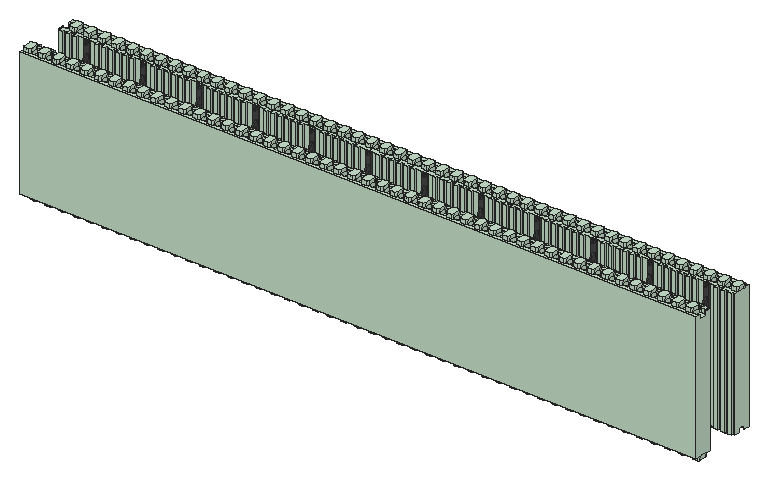
Revit family (continued)
Forms (in)
  Extrusion 156, void
    sketch origin (74, -1, 0) x (1, 0, 0) y (0, 1, 0)
      loop
        arc (1, 3.97692) -> (1.04785, 3.82983) -> (1.17308, 3.73905) r 0.25
        arc (1.17308, 3.73905) -> (1.42092, 3.69045) -> (1.67323, 3.70172) r 1.0625
        arc (1.67323, 3.70172) -> (1.72385, 3.68771) -> (1.74592, 3.64005) r 0.0625
        line (1.74592, 3.64005) -> (1.74592, 3.41845) -> (1.91675, 3.41845) -> (1.91675, 3.76455)
        arc (1.91675, 3.76455) -> (1.92106, 3.78736) -> (1.9334, 3.80702) r 0.0625
        arc (1.9334, 3.80702) -> (1.98276, 3.88568) -> (2, 3.97692) r 0.25
        line (2, 3.97692) -> (2, 4.89808)
        arc (2, 4.89808) -> (1.95215, 5.04517) -> (1.82692, 5.13595) r 0.25
        arc (1.82692, 5.13595) -> (1.5, 5.1875) -> (1.17308, 5.13595) r 1.0625
        arc (1.17308, 5.13595) -> (1.04785, 5.04517) -> (1, 4.89808) r 0.25
    from 0 to 0.5
  Extrusion 157, void
    sketch origin (72, -1, 0) x (1, 0, 0) y (0, 1, 0)
      loop
        line (1, 4.89808) -> (1, 3.97692)
        arc (1, 3.97692) -> (1.04785, 3.82983) -> (1.17308, 3.73905) r 0.25
        arc (1.17308, 3.73905) -> (1.42092, 3.69045) -> (1.67323, 3.70172) r 1.0625
        arc (1.67323, 3.70172) -> (1.72385, 3.68771) -> (1.74592, 3.64005) r 0.0625
        line (1.74592, 3.64005) -> (1.74592, 3.41845) -> (1.91675, 3.41845) -> (1.91675, 3.76455)
        arc (1.91675, 3.76455) -> (1.92106, 3.78736) -> (1.9334, 3.80702) r 0.0625
        arc (1.9334, 3.80702) -> (1.98276, 3.88568) -> (2, 3.97692) r 0.25
        line (2, 3.97692) -> (2, 4.89808)
        arc (2, 4.89808) -> (1.95215, 5.04517) -> (1.82692, 5.13595) r 0.25
        arc (1.82692, 5.13595) -> (1.5, 5.1875) -> (1.17308, 5.13595) r 1.0625
        arc (1.17308, 5.13595) -> (1.04785, 5.04517) -> (1, 4.89808) r 0.25
    from 0 to 0.5
  Extrusion 158, void
    sketch origin (70, -1, 0) x (1, 0, 0) y (0, 1, 0)
      loop
        line (1, 4.89808) -> (1, 3.97692)
        arc (1, 3.97692) -> (1.04785, 3.82983) -> (1.17308, 3.73905) r 0.25
        arc (1.17308, 3.73905) -> (1.42092, 3.69045) -> (1.67323, 3.70172) r 1.0625
        arc (1.67323, 3.70172) -> (1.72385, 3.68771) -> (1.74592, 3.64005) r 0.0625
        line (1.74592, 3.64005) -> (1.74592, 3.41845) -> (1.91675, 3.41845) -> (1.91675, 3.76455)
        arc (1.91675, 3.76455) -> (1.92106, 3.78736) -> (1.9334, 3.80702) r 0.0625
        arc (1.9334, 3.80702) -> (1.98276, 3.88568) -> (2, 3.97692) r 0.25
        line (2, 3.97692) -> (2, 4.89808)
        arc (2, 4.89808) -> (1.95215, 5.04517) -> (1.82692, 5.13595) r 0.25
        arc (1.82692, 5.13595) -> (1.5, 5.1875) -> (1.17308, 5.13595) r 1.0625
        arc (1.17308, 5.13595) -> (1.04785, 5.04517) -> (1, 4.89808) r 0.25
    from 0 to 0.5
  Extrusion 159, void
    sketch origin (68, -1, 0) x (1, 0, 0) y (0, 1, 0)
      loop
        line (1, 4.89808) -> (1, 3.97692)
        arc (1, 3.97692) -> (1.04785, 3.82983) -> (1.17308, 3.73905) r 0.25
        arc (1.17308, 3.73905) -> (1.42092, 3.69045) -> (1.67323, 3.70172) r 1.0625
        arc (1.67323, 3.70172) -> (1.72385, 3.68771) -> (1.74592, 3.64005) r 0.0625
        line (1.74592, 3.64005) -> (1.74592, 3.41845) -> (1.91675, 3.41845) -> (1.91675, 3.76455)
        arc (1.91675, 3.76455) -> (1.92106, 3.78736) -> (1.9334, 3.80702) r 0.0625
        arc (1.9334, 3.80702) -> (1.98276, 3.88568) -> (2, 3.97692) r 0.25
        line (2, 3.97692) -> (2, 4.89808)
        arc (2, 4.89808) -> (1.95215, 5.04517) -> (1.82692, 5.13595) r 0.25
        arc (1.82692, 5.13595) -> (1.5, 5.1875) -> (1.17308, 5.13595) r 1.0625
        arc (1.17308, 5.13595) -> (1.04785, 5.04517) -> (1, 4.89808) r 0.25
    from 0 to 0.5
  Extrusion 160, void
    sketch origin (66, -1, 0) x (1, 0, 0) y (0, 1, 0)
      loop
        line (1, 4.89808) -> (1, 3.97692)
        arc (1, 3.97692) -> (1.04785, 3.82983) -> (1.17308, 3.73905) r 0.25
        arc (1.17308, 3.73905) -> (1.42092, 3.69045) -> (1.67323, 3.70172) r 1.0625
        arc (1.67323, 3.70172) -> (1.72385, 3.68771) -> (1.74592, 3.64005) r 0.0625
        line (1.74592, 3.64005) -> (1.74592, 3.41845) -> (1.91675, 3.41845) -> (1.91675, 3.76455)
        arc (1.91675, 3.76455) -> (1.92106, 3.78736) -> (1.9334, 3.80702) r 0.0625
        arc (1.9334, 3.80702) -> (1.98276, 3.88568) -> (2, 3.97692) r 0.25
        line (2, 3.97692) -> (2, 4.89808)
        arc (2, 4.89808) -> (1.95215, 5.04517) -> (1.82692, 5.13595) r 0.25
        arc (1.82692, 5.13595) -> (1.5, 5.1875) -> (1.17308, 5.13595) r 1.0625
        arc (1.17308, 5.13595) -> (1.04785, 5.04517) -> (1, 4.89808) r 0.25
    from 0 to 0.5
  Extrusion 161, void
    sketch origin (64, -1, 0) x (1, 0, 0) y (0, 1, 0)
      loop
        line (1, 4.89808) -> (1, 3.97692)
        arc (1, 3.97692) -> (1.04785, 3.82983) -> (1.17308, 3.73905) r 0.25
        arc (1.17308, 3.73905) -> (1.42092, 3.69045) -> (1.67323, 3.70172) r 1.0625
        arc (1.67323, 3.70172) -> (1.72385, 3.68771) -> (1.74592, 3.64005) r 0.0625
        line (1.74592, 3.64005) -> (1.74592, 3.41845) -> (1.91675, 3.41845) -> (1.91675, 3.76455)
        arc (1.91675, 3.76455) -> (1.92106, 3.78736) -> (1.9334, 3.80702) r 0.0625
        arc (1.9334, 3.80702) -> (1.98276, 3.88568) -> (2, 3.97692) r 0.25
        line (2, 3.97692) -> (2, 4.89808)
        arc (2, 4.89808) -> (1.95215, 5.04517) -> (1.82692, 5.13595) r 0.25
        arc (1.82692, 5.13595) -> (1.5, 5.1875) -> (1.17308, 5.13595) r 1.0625
        arc (1.17308, 5.13595) -> (1.04785, 5.04517) -> (1, 4.89808) r 0.25
    from 0 to 0.5
  Extrusion 162, void
    sketch origin (62, -1, 0) x (1, 0, 0) y (0, 1, 0)
      loop
        line (1, 4.89808) -> (1, 3.97692)
        arc (1, 3.97692) -> (1.04785, 3.82983) -> (1.17308, 3.73905) r 0.25
        arc (1.17308, 3.73905) -> (1.42092, 3.69045) -> (1.67323, 3.70172) r 1.0625
        arc (1.67323, 3.70172) -> (1.72385, 3.68771) -> (1.74592, 3.64005) r 0.0625
        line (1.74592, 3.64005) -> (1.74592, 3.41845) -> (1.91675, 3.41845) -> (1.91675, 3.76455)
        arc (1.91675, 3.76455) -> (1.92106, 3.78736) -> (1.9334, 3.80702) r 0.0625
        arc (1.9334, 3.80702) -> (1.98276, 3.88568) -> (2, 3.97692) r 0.25
        line (2, 3.97692) -> (2, 4.89808)
        arc (2, 4.89808) -> (1.95215, 5.04517) -> (1.82692, 5.13595) r 0.25
        arc (1.82692, 5.13595) -> (1.5, 5.1875) -> (1.17308, 5.13595) r 1.0625
        arc (1.17308, 5.13595) -> (1.04785, 5.04517) -> (1, 4.89808) r 0.25
    from 0 to 0.5
  Extrusion 163, void
    sketch origin (60, -1, 0) x (1, 0, 0) y (0, 1, 0)
      loop
        line (1, 4.89808) -> (1, 3.97692)
        arc (1, 3.97692) -> (1.04785, 3.82983) -> (1.17308, 3.73905) r 0.25
        arc (1.17308, 3.73905) -> (1.42092, 3.69045) -> (1.67323, 3.70172) r 1.0625
        arc (1.67323, 3.70172) -> (1.72385, 3.68771) -> (1.74592, 3.64005) r 0.0625
        line (1.74592, 3.64005) -> (1.74592, 3.41845) -> (1.91675, 3.41845) -> (1.91675, 3.76455)
        arc (1.91675, 3.76455) -> (1.92106, 3.78736) -> (1.9334, 3.80702) r 0.0625
        arc (1.9334, 3.80702) -> (1.98276, 3.88568) -> (2, 3.97692) r 0.25
        line (2, 3.97692) -> (2, 4.89808)
        arc (2, 4.89808) -> (1.95215, 5.04517) -> (1.82692, 5.13595) r 0.25
        arc (1.82692, 5.13595) -> (1.5, 5.1875) -> (1.17308, 5.13595) r 1.0625
        arc (1.17308, 5.13595) -> (1.04785, 5.04517) -> (1, 4.89808) r 0.25
    from 0 to 0.5
  Extrusion 164, void
    sketch origin (58, -1, 0) x (1, 0, 0) y (0, 1, 0)
      loop
        line (1, 4.89808) -> (1, 3.97692)
        arc (1, 3.97692) -> (1.04785, 3.82983) -> (1.17308, 3.73905) r 0.25
        arc (1.17308, 3.73905) -> (1.42092, 3.69045) -> (1.67323, 3.70172) r 1.0625
        arc (1.67323, 3.70172) -> (1.72385, 3.68771) -> (1.74592, 3.64005) r 0.0625
        line (1.74592, 3.64005) -> (1.74592, 3.41845) -> (1.91675, 3.41845) -> (1.91675, 3.76455)
        arc (1.91675, 3.76455) -> (1.92106, 3.78736) -> (1.9334, 3.80702) r 0.0625
        arc (1.9334, 3.80702) -> (1.98276, 3.88568) -> (2, 3.97692) r 0.25
        line (2, 3.97692) -> (2, 4.89808)
        arc (2, 4.89808) -> (1.95215, 5.04517) -> (1.82692, 5.13595) r 0.25
        arc (1.82692, 5.13595) -> (1.5, 5.1875) -> (1.17308, 5.13595) r 1.0625
        arc (1.17308, 5.13595) -> (1.04785, 5.04517) -> (1, 4.89808) r 0.25
    from 0 to 0.5
  Extrusion 165, void
    sketch origin (56, -1, 0) x (1, 0, 0) y (0, 1, 0)
      loop
        line (1, 4.89808) -> (1, 3.97692)
        arc (1, 3.97692) -> (1.04785, 3.82983) -> (1.17308, 3.73905) r 0.25
        arc (1.17308, 3.73905) -> (1.42092, 3.69045) -> (1.67323, 3.70172) r 1.0625
        arc (1.67323, 3.70172) -> (1.72385, 3.68771) -> (1.74592, 3.64005) r 0.0625
        line (1.74592, 3.64005) -> (1.74592, 3.41845) -> (1.91675, 3.41845) -> (1.91675, 3.76455)
        arc (1.91675, 3.76455) -> (1.92106, 3.78736) -> (1.9334, 3.80702) r 0.0625
        arc (1.9334, 3.80702) -> (1.98276, 3.88568) -> (2, 3.97692) r 0.25
        line (2, 3.97692) -> (2, 4.89808)
        arc (2, 4.89808) -> (1.95215, 5.04517) -> (1.82692, 5.13595) r 0.25
        arc (1.82692, 5.13595) -> (1.5, 5.1875) -> (1.17308, 5.13595) r 1.0625
        arc (1.17308, 5.13595) -> (1.04785, 5.04517) -> (1, 4.89808) r 0.25
    from 0 to 0.5
  Extrusion 166, void
    sketch origin (54, -1, 0) x (1, 0, 0) y (0, 1, 0)
      loop
        line (1, 4.89808) -> (1, 3.97692)
        arc (1, 3.97692) -> (1.04785, 3.82983) -> (1.17308, 3.73905) r 0.25
        arc (1.17308, 3.73905) -> (1.42092, 3.69045) -> (1.67323, 3.70172) r 1.0625
        arc (1.67323, 3.70172) -> (1.72385, 3.68771) -> (1.74592, 3.64005) r 0.0625
        line (1.74592, 3.64005) -> (1.74592, 3.41845) -> (1.91675, 3.41845) -> (1.91675, 3.76455)
        arc (1.91675, 3.76455) -> (1.92106, 3.78736) -> (1.9334, 3.80702) r 0.0625
        arc (1.9334, 3.80702) -> (1.98276, 3.88568) -> (2, 3.97692) r 0.25
        line (2, 3.97692) -> (2, 4.89808)
        arc (2, 4.89808) -> (1.95215, 5.04517) -> (1.82692, 5.13595) r 0.25
        arc (1.82692, 5.13595) -> (1.5, 5.1875) -> (1.17308, 5.13595) r 1.0625
        arc (1.17308, 5.13595) -> (1.04785, 5.04517) -> (1, 4.89808) r 0.25
    from 0 to 0.5
  Extrusion 167, void
    sketch origin (52, -1, 0) x (1, 0, 0) y (0, 1, 0)
      loop
        line (1, 4.89808) -> (1, 3.97692)
        arc (1, 3.97692) -> (1.04785, 3.82983) -> (1.17308, 3.73905) r 0.25
        arc (1.17308, 3.73905) -> (1.42092, 3.69045) -> (1.67323, 3.70172) r 1.0625
        arc (1.67323, 3.70172) -> (1.72385, 3.68771) -> (1.74592, 3.64005) r 0.0625
        line (1.74592, 3.64005) -> (1.74592, 3.41845) -> (1.91675, 3.41845) -> (1.91675, 3.76455)
        arc (1.91675, 3.76455) -> (1.92106, 3.78736) -> (1.9334, 3.80702) r 0.0625
        arc (1.9334, 3.80702) -> (1.98276, 3.88568) -> (2, 3.97692) r 0.25
        line (2, 3.97692) -> (2, 4.89808)
        arc (2, 4.89808) -> (1.95215, 5.04517) -> (1.82692, 5.13595) r 0.25
        arc (1.82692, 5.13595) -> (1.5, 5.1875) -> (1.17308, 5.13595) r 1.0625
        arc (1.17308, 5.13595) -> (1.04785, 5.04517) -> (1, 4.89808) r 0.25
    from 0 to 0.5
  Extrusion 168, void
    sketch origin (50, -1, 0) x (1, 0, 0) y (0, 1, 0)
      loop
        line (1, 4.89808) -> (1, 3.97692)
        arc (1, 3.97692) -> (1.04785, 3.82983) -> (1.17308, 3.73905) r 0.25
        arc (1.17308, 3.73905) -> (1.42092, 3.69045) -> (1.67323, 3.70172) r 1.0625
        arc (1.67323, 3.70172) -> (1.72385, 3.68771) -> (1.74592, 3.64005) r 0.0625
        line (1.74592, 3.64005) -> (1.74592, 3.41845) -> (1.91675, 3.41845) -> (1.91675, 3.76455)
        arc (1.91675, 3.76455) -> (1.92106, 3.78736) -> (1.9334, 3.80702) r 0.0625
        arc (1.9334, 3.80702) -> (1.98276, 3.88568) -> (2, 3.97692) r 0.25
        line (2, 3.97692) -> (2, 4.89808)
        arc (2, 4.89808) -> (1.95215, 5.04517) -> (1.82692, 5.13595) r 0.25
        arc (1.82692, 5.13595) -> (1.5, 5.1875) -> (1.17308, 5.13595) r 1.0625
        arc (1.17308, 5.13595) -> (1.04785, 5.04517) -> (1, 4.89808) r 0.25
    from 0 to 0.5
  Extrusion 169, void
    sketch origin (48, -1, 0) x (1, 0, 0) y (0, 1, 0)
      loop
        line (1, 4.89808) -> (1, 3.97692)
        arc (1, 3.97692) -> (1.04785, 3.82983) -> (1.17308, 3.73905) r 0.25
        arc (1.17308, 3.73905) -> (1.42092, 3.69045) -> (1.67323, 3.70172) r 1.0625
        arc (1.67323, 3.70172) -> (1.72385, 3.68771) -> (1.74592, 3.64005) r 0.0625
        line (1.74592, 3.64005) -> (1.74592, 3.41845) -> (1.91675, 3.41845) -> (1.91675, 3.76455)
        arc (1.91675, 3.76455) -> (1.92106, 3.78736) -> (1.9334, 3.80702) r 0.0625
        arc (1.9334, 3.80702) -> (1.98276, 3.88568) -> (2, 3.97692) r 0.25
        line (2, 3.97692) -> (2, 4.89808)
        arc (2, 4.89808) -> (1.95215, 5.04517) -> (1.82692, 5.13595) r 0.25
        arc (1.82692, 5.13595) -> (1.5, 5.1875) -> (1.17308, 5.13595) r 1.0625
        arc (1.17308, 5.13595) -> (1.04785, 5.04517) -> (1, 4.89808) r 0.25
    from 0 to 0.5
  Extrusion 170, void
    sketch origin (46, -1, 0) x (1, 0, 0) y (0, 1, 0)
      loop
        line (1, 4.89808) -> (1, 3.97692)
        arc (1, 3.97692) -> (1.04785, 3.82983) -> (1.17308, 3.73905) r 0.25
        arc (1.17308, 3.73905) -> (1.42092, 3.69045) -> (1.67323, 3.70172) r 1.0625
        arc (1.67323, 3.70172) -> (1.72385, 3.68771) -> (1.74592, 3.64005) r 0.0625
        line (1.74592, 3.64005) -> (1.74592, 3.41845) -> (1.91675, 3.41845) -> (1.91675, 3.76455)
        arc (1.91675, 3.76455) -> (1.92106, 3.78736) -> (1.9334, 3.80702) r 0.0625
        arc (1.9334, 3.80702) -> (1.98276, 3.88568) -> (2, 3.97692) r 0.25
        line (2, 3.97692) -> (2, 4.89808)
        arc (2, 4.89808) -> (1.95215, 5.04517) -> (1.82692, 5.13595) r 0.25
        arc (1.82692, 5.13595) -> (1.5, 5.1875) -> (1.17308, 5.13595) r 1.0625
        arc (1.17308, 5.13595) -> (1.04785, 5.04517) -> (1, 4.89808) r 0.25
    from 0 to 0.5
  Extrusion 171, void
    sketch origin (44, -1, 0) x (1, 0, 0) y (0, 1, 0)
      loop
        line (1, 4.89808) -> (1, 3.97692)
        arc (1, 3.97692) -> (1.04785, 3.82983) -> (1.17308, 3.73905) r 0.25
        arc (1.17308, 3.73905) -> (1.42092, 3.69045) -> (1.67323, 3.70172) r 1.0625
        arc (1.67323, 3.70172) -> (1.72385, 3.68771) -> (1.74592, 3.64005) r 0.0625
        line (1.74592, 3.64005) -> (1.74592, 3.41845) -> (1.91675, 3.41845) -> (1.91675, 3.76455)
        arc (1.91675, 3.76455) -> (1.92106, 3.78736) -> (1.9334, 3.80702) r 0.0625
        arc (1.9334, 3.80702) -> (1.98276, 3.88568) -> (2, 3.97692) r 0.25
        line (2, 3.97692) -> (2, 4.89808)
        arc (2, 4.89808) -> (1.95215, 5.04517) -> (1.82692, 5.13595) r 0.25
        arc (1.82692, 5.13595) -> (1.5, 5.1875) -> (1.17308, 5.13595) r 1.0625
        arc (1.17308, 5.13595) -> (1.04785, 5.04517) -> (1, 4.89808) r 0.25
    from 0 to 0.5
  Extrusion 172, void
    sketch origin (42, -1, 0) x (1, 0, 0) y (0, 1, 0)
      loop
        line (1, 4.89808) -> (1, 3.97692)
        arc (1, 3.97692) -> (1.04785, 3.82983) -> (1.17308, 3.73905) r 0.25
        arc (1.17308, 3.73905) -> (1.42092, 3.69045) -> (1.67323, 3.70172) r 1.0625
        arc (1.67323, 3.70172) -> (1.72385, 3.68771) -> (1.74592, 3.64005) r 0.0625
        line (1.74592, 3.64005) -> (1.74592, 3.41845) -> (1.91675, 3.41845) -> (1.91675, 3.76455)
        arc (1.91675, 3.76455) -> (1.92106, 3.78736) -> (1.9334, 3.80702) r 0.0625
        arc (1.9334, 3.80702) -> (1.98276, 3.88568) -> (2, 3.97692) r 0.25
        line (2, 3.97692) -> (2, 4.89808)
        arc (2, 4.89808) -> (1.95215, 5.04517) -> (1.82692, 5.13595) r 0.25
        arc (1.82692, 5.13595) -> (1.5, 5.1875) -> (1.17308, 5.13595) r 1.0625
        arc (1.17308, 5.13595) -> (1.04785, 5.04517) -> (1, 4.89808) r 0.25
    from 0 to 0.5
  Extrusion 173, void
    sketch origin (40, -1, 0) x (1, 0, 0) y (0, 1, 0)
      loop
        line (1, 4.89808) -> (1, 3.97692)
        arc (1, 3.97692) -> (1.04785, 3.82983) -> (1.17308, 3.73905) r 0.25
        arc (1.17308, 3.73905) -> (1.42092, 3.69045) -> (1.67323, 3.70172) r 1.0625
        arc (1.67323, 3.70172) -> (1.72385, 3.68771) -> (1.74592, 3.64005) r 0.0625
        line (1.74592, 3.64005) -> (1.74592, 3.41845) -> (1.91675, 3.41845) -> (1.91675, 3.76455)
        arc (1.91675, 3.76455) -> (1.92106, 3.78736) -> (1.9334, 3.80702) r 0.0625
        arc (1.9334, 3.80702) -> (1.98276, 3.88568) -> (2, 3.97692) r 0.25
        line (2, 3.97692) -> (2, 4.89808)
        arc (2, 4.89808) -> (1.95215, 5.04517) -> (1.82692, 5.13595) r 0.25
        arc (1.82692, 5.13595) -> (1.5, 5.1875) -> (1.17308, 5.13595) r 1.0625
        arc (1.17308, 5.13595) -> (1.04785, 5.04517) -> (1, 4.89808) r 0.25
    from 0 to 0.5
  Extrusion 174, void
    sketch origin (38, -1, 0) x (1, 0, 0) y (0, 1, 0)
      loop
        line (1, 4.89808) -> (1, 3.97692)
        arc (1, 3.97692) -> (1.04785, 3.82983) -> (1.17308, 3.73905) r 0.25
        arc (1.17308, 3.73905) -> (1.42092, 3.69045) -> (1.67323, 3.70172) r 1.0625
        arc (1.67323, 3.70172) -> (1.72385, 3.68771) -> (1.74592, 3.64005) r 0.0625
        line (1.74592, 3.64005) -> (1.74592, 3.41845) -> (1.91675, 3.41845) -> (1.91675, 3.76455)
        arc (1.91675, 3.76455) -> (1.92106, 3.78736) -> (1.9334, 3.80702) r 0.0625
        arc (1.9334, 3.80702) -> (1.98276, 3.88568) -> (2, 3.97692) r 0.25
        line (2, 3.97692) -> (2, 4.89808)
        arc (2, 4.89808) -> (1.95215, 5.04517) -> (1.82692, 5.13595) r 0.25
        arc (1.82692, 5.13595) -> (1.5, 5.1875) -> (1.17308, 5.13595) r 1.0625
        arc (1.17308, 5.13595) -> (1.04785, 5.04517) -> (1, 4.89808) r 0.25
    from 0 to 0.5
  Extrusion 175, void
    sketch origin (36, -1, 0) x (1, 0, 0) y (0, 1, 0)
      loop
        line (1, 4.89808) -> (1, 3.97692)
        arc (1, 3.97692) -> (1.04785, 3.82983) -> (1.17308, 3.73905) r 0.25
        arc (1.17308, 3.73905) -> (1.42092, 3.69045) -> (1.67323, 3.70172) r 1.0625
        arc (1.67323, 3.70172) -> (1.72385, 3.68771) -> (1.74592, 3.64005) r 0.0625
        line (1.74592, 3.64005) -> (1.74592, 3.41845) -> (1.91675, 3.41845) -> (1.91675, 3.76455)
        arc (1.91675, 3.76455) -> (1.92106, 3.78736) -> (1.9334, 3.80702) r 0.0625
        arc (1.9334, 3.80702) -> (1.98276, 3.88568) -> (2, 3.97692) r 0.25
        line (2, 3.97692) -> (2, 4.89808)
        arc (2, 4.89808) -> (1.95215, 5.04517) -> (1.82692, 5.13595) r 0.25
        arc (1.82692, 5.13595) -> (1.5, 5.1875) -> (1.17308, 5.13595) r 1.0625
        arc (1.17308, 5.13595) -> (1.04785, 5.04517) -> (1, 4.89808) r 0.25
    from 0 to 0.5
  Extrusion 176, void
    sketch origin (34, -1, 0) x (1, 0, 0) y (0, 1, 0)
      loop
        line (1, 4.89808) -> (1, 3.97692)
        arc (1, 3.97692) -> (1.04785, 3.82983) -> (1.17308, 3.73905) r 0.25
        arc (1.17308, 3.73905) -> (1.42092, 3.69045) -> (1.67323, 3.70172) r 1.0625
        arc (1.67323, 3.70172) -> (1.72385, 3.68771) -> (1.74592, 3.64005) r 0.0625
        line (1.74592, 3.64005) -> (1.74592, 3.41845) -> (1.91675, 3.41845) -> (1.91675, 3.76455)
        arc (1.91675, 3.76455) -> (1.92106, 3.78736) -> (1.9334, 3.80702) r 0.0625
        arc (1.9334, 3.80702) -> (1.98276, 3.88568) -> (2, 3.97692) r 0.25
        line (2, 3.97692) -> (2, 4.89808)
        arc (2, 4.89808) -> (1.95215, 5.04517) -> (1.82692, 5.13595) r 0.25
        arc (1.82692, 5.13595) -> (1.5, 5.1875) -> (1.17308, 5.13595) r 1.0625
        arc (1.17308, 5.13595) -> (1.04785, 5.04517) -> (1, 4.89808) r 0.25
    from 0 to 0.5
  Extrusion 177, void
    sketch origin (32, -1, 0) x (1, 0, 0) y (0, 1, 0)
      loop
        line (1, 4.89808) -> (1, 3.97692)
        arc (1, 3.97692) -> (1.04785, 3.82983) -> (1.17308, 3.73905) r 0.25
        arc (1.17308, 3.73905) -> (1.42092, 3.69045) -> (1.67323, 3.70172) r 1.0625
        arc (1.67323, 3.70172) -> (1.72385, 3.68771) -> (1.74592, 3.64005) r 0.0625
        line (1.74592, 3.64005) -> (1.74592, 3.41845) -> (1.91675, 3.41845) -> (1.91675, 3.76455)
        arc (1.91675, 3.76455) -> (1.92106, 3.78736) -> (1.9334, 3.80702) r 0.0625
        arc (1.9334, 3.80702) -> (1.98276, 3.88568) -> (2, 3.97692) r 0.25
        line (2, 3.97692) -> (2, 4.89808)
        arc (2, 4.89808) -> (1.95215, 5.04517) -> (1.82692, 5.13595) r 0.25
        arc (1.82692, 5.13595) -> (1.5, 5.1875) -> (1.17308, 5.13595) r 1.0625
        arc (1.17308, 5.13595) -> (1.04785, 5.04517) -> (1, 4.89808) r 0.25
    from 0 to 0.5
  Extrusion 178, void
    sketch origin (30, -1, 0) x (1, 0, 0) y (0, 1, 0)
      loop
        line (1, 4.89808) -> (1, 3.97692)
        arc (1, 3.97692) -> (1.04785, 3.82983) -> (1.17308, 3.73905) r 0.25
        arc (1.17308, 3.73905) -> (1.42092, 3.69045) -> (1.67323, 3.70172) r 1.0625
        arc (1.67323, 3.70172) -> (1.72385, 3.68771) -> (1.74592, 3.64005) r 0.0625
        line (1.74592, 3.64005) -> (1.74592, 3.41845) -> (1.91675, 3.41845) -> (1.91675, 3.76455)
        arc (1.91675, 3.76455) -> (1.92106, 3.78736) -> (1.9334, 3.80702) r 0.0625
        arc (1.9334, 3.80702) -> (1.98276, 3.88568) -> (2, 3.97692) r 0.25
        line (2, 3.97692) -> (2, 4.89808)
        arc (2, 4.89808) -> (1.95215, 5.04517) -> (1.82692, 5.13595) r 0.25
        arc (1.82692, 5.13595) -> (1.5, 5.1875) -> (1.17308, 5.13595) r 1.0625
        arc (1.17308, 5.13595) -> (1.04785, 5.04517) -> (1, 4.89808) r 0.25
    from 0 to 0.5
  Extrusion 179, void
    sketch origin (28, -1, 0) x (1, 0, 0) y (0, 1, 0)
      loop
        line (1, 4.89808) -> (1, 3.97692)
        arc (1, 3.97692) -> (1.04785, 3.82983) -> (1.17308, 3.73905) r 0.25
        arc (1.17308, 3.73905) -> (1.42092, 3.69045) -> (1.67323, 3.70172) r 1.0625
        arc (1.67323, 3.70172) -> (1.72385, 3.68771) -> (1.74592, 3.64005) r 0.0625
        line (1.74592, 3.64005) -> (1.74592, 3.41845) -> (1.91675, 3.41845) -> (1.91675, 3.76455)
        arc (1.91675, 3.76455) -> (1.92106, 3.78736) -> (1.9334, 3.80702) r 0.0625
        arc (1.9334, 3.80702) -> (1.98276, 3.88568) -> (2, 3.97692) r 0.25
        line (2, 3.97692) -> (2, 4.89808)
        arc (2, 4.89808) -> (1.95215, 5.04517) -> (1.82692, 5.13595) r 0.25
        arc (1.82692, 5.13595) -> (1.5, 5.1875) -> (1.17308, 5.13595) r 1.0625
        arc (1.17308, 5.13595) -> (1.04785, 5.04517) -> (1, 4.89808) r 0.25
    from 0 to 0.5
  Extrusion 180, void
    sketch origin (26, -1, 0) x (1, 0, 0) y (0, 1, 0)
      loop
        line (1, 4.89808) -> (1, 3.97692)
        arc (1, 3.97692) -> (1.04785, 3.82983) -> (1.17308, 3.73905) r 0.25
        arc (1.17308, 3.73905) -> (1.42092, 3.69045) -> (1.67323, 3.70172) r 1.0625
        arc (1.67323, 3.70172) -> (1.72385, 3.68771) -> (1.74592, 3.64005) r 0.0625
        line (1.74592, 3.64005) -> (1.74592, 3.41845) -> (1.91675, 3.41845) -> (1.91675, 3.76455)
        arc (1.91675, 3.76455) -> (1.92106, 3.78736) -> (1.9334, 3.80702) r 0.0625
        arc (1.9334, 3.80702) -> (1.98276, 3.88568) -> (2, 3.97692) r 0.25
        line (2, 3.97692) -> (2, 4.89808)
        arc (2, 4.89808) -> (1.95215, 5.04517) -> (1.82692, 5.13595) r 0.25
        arc (1.82692, 5.13595) -> (1.5, 5.1875) -> (1.17308, 5.13595) r 1.0625
        arc (1.17308, 5.13595) -> (1.04785, 5.04517) -> (1, 4.89808) r 0.25
    from 0 to 0.5
  Extrusion 181, void
    sketch origin (24, -1, 0) x (1, 0, 0) y (0, 1, 0)
      loop
        line (1, 4.89808) -> (1, 3.97692)
        arc (1, 3.97692) -> (1.04785, 3.82983) -> (1.17308, 3.73905) r 0.25
        arc (1.17308, 3.73905) -> (1.42092, 3.69045) -> (1.67323, 3.70172) r 1.0625
        arc (1.67323, 3.70172) -> (1.72385, 3.68771) -> (1.74592, 3.64005) r 0.0625
        line (1.74592, 3.64005) -> (1.74592, 3.41845) -> (1.91675, 3.41845) -> (1.91675, 3.76455)
        arc (1.91675, 3.76455) -> (1.92106, 3.78736) -> (1.9334, 3.80702) r 0.0625
        arc (1.9334, 3.80702) -> (1.98276, 3.88568) -> (2, 3.97692) r 0.25
        line (2, 3.97692) -> (2, 4.89808)
        arc (2, 4.89808) -> (1.95215, 5.04517) -> (1.82692, 5.13595) r 0.25
        arc (1.82692, 5.13595) -> (1.5, 5.1875) -> (1.17308, 5.13595) r 1.0625
        arc (1.17308, 5.13595) -> (1.04785, 5.04517) -> (1, 4.89808) r 0.25
    from 0 to 0.5
  Extrusion 182, void
    sketch origin (22, -1, 0) x (1, 0, 0) y (0, 1, 0)
      loop
        line (1, 4.89808) -> (1, 3.97692)
        arc (1, 3.97692) -> (1.04785, 3.82983) -> (1.17308, 3.73905) r 0.25
        arc (1.17308, 3.73905) -> (1.42092, 3.69045) -> (1.67323, 3.70172) r 1.0625
        arc (1.67323, 3.70172) -> (1.72385, 3.68771) -> (1.74592, 3.64005) r 0.0625
        line (1.74592, 3.64005) -> (1.74592, 3.41845) -> (1.91675, 3.41845) -> (1.91675, 3.76455)
        arc (1.91675, 3.76455) -> (1.92106, 3.78736) -> (1.9334, 3.80702) r 0.0625
        arc (1.9334, 3.80702) -> (1.98276, 3.88568) -> (2, 3.97692) r 0.25
        line (2, 3.97692) -> (2, 4.89808)
        arc (2, 4.89808) -> (1.95215, 5.04517) -> (1.82692, 5.13595) r 0.25
        arc (1.82692, 5.13595) -> (1.5, 5.1875) -> (1.17308, 5.13595) r 1.0625
        arc (1.17308, 5.13595) -> (1.04785, 5.04517) -> (1, 4.89808) r 0.25
    from 0 to 0.5
  Extrusion 183, void
    sketch origin (20, -1, 0) x (1, 0, 0) y (0, 1, 0)
      loop
        line (1, 4.89808) -> (1, 3.97692)
        arc (1, 3.97692) -> (1.04785, 3.82983) -> (1.17308, 3.73905) r 0.25
        arc (1.17308, 3.73905) -> (1.42092, 3.69045) -> (1.67323, 3.70172) r 1.0625
        arc (1.67323, 3.70172) -> (1.72385, 3.68771) -> (1.74592, 3.64005) r 0.0625
        line (1.74592, 3.64005) -> (1.74592, 3.41845) -> (1.91675, 3.41845) -> (1.91675, 3.76455)
        arc (1.91675, 3.76455) -> (1.92106, 3.78736) -> (1.9334, 3.80702) r 0.0625
        arc (1.9334, 3.80702) -> (1.98276, 3.88568) -> (2, 3.97692) r 0.25
        line (2, 3.97692) -> (2, 4.89808)
        arc (2, 4.89808) -> (1.95215, 5.04517) -> (1.82692, 5.13595) r 0.25
        arc (1.82692, 5.13595) -> (1.5, 5.1875) -> (1.17308, 5.13595) r 1.0625
        arc (1.17308, 5.13595) -> (1.04785, 5.04517) -> (1, 4.89808) r 0.25
    from 0 to 0.5
  Extrusion 184, void
    sketch origin (18, -1, 0) x (1, 0, 0) y (0, 1, 0)
      loop
        line (1, 4.89808) -> (1, 3.97692)
        arc (1, 3.97692) -> (1.04785, 3.82983) -> (1.17308, 3.73905) r 0.25
        arc (1.17308, 3.73905) -> (1.42092, 3.69045) -> (1.67323, 3.70172) r 1.0625
        arc (1.67323, 3.70172) -> (1.72385, 3.68771) -> (1.74592, 3.64005) r 0.0625
        line (1.74592, 3.64005) -> (1.74592, 3.41845) -> (1.91675, 3.41845) -> (1.91675, 3.76455)
        arc (1.91675, 3.76455) -> (1.92106, 3.78736) -> (1.9334, 3.80702) r 0.0625
        arc (1.9334, 3.80702) -> (1.98276, 3.88568) -> (2, 3.97692) r 0.25
        line (2, 3.97692) -> (2, 4.89808)
        arc (2, 4.89808) -> (1.95215, 5.04517) -> (1.82692, 5.13595) r 0.25
        arc (1.82692, 5.13595) -> (1.5, 5.1875) -> (1.17308, 5.13595) r 1.0625
        arc (1.17308, 5.13595) -> (1.04785, 5.04517) -> (1, 4.89808) r 0.25
    from 0 to 0.5
  Extrusion 185, void
    sketch origin (16, -1, 0) x (1, 0, 0) y (0, 1, 0)
      loop
        line (1, 4.89808) -> (1, 3.97692)
        arc (1, 3.97692) -> (1.04785, 3.82983) -> (1.17308, 3.73905) r 0.25
        arc (1.17308, 3.73905) -> (1.42092, 3.69045) -> (1.67323, 3.70172) r 1.0625
        arc (1.67323, 3.70172) -> (1.72385, 3.68771) -> (1.74592, 3.64005) r 0.0625
        line (1.74592, 3.64005) -> (1.74592, 3.41845) -> (1.91675, 3.41845) -> (1.91675, 3.76455)
        arc (1.91675, 3.76455) -> (1.92106, 3.78736) -> (1.9334, 3.80702) r 0.0625
        arc (1.9334, 3.80702) -> (1.98276, 3.88568) -> (2, 3.97692) r 0.25
        line (2, 3.97692) -> (2, 4.89808)
        arc (2, 4.89808) -> (1.95215, 5.04517) -> (1.82692, 5.13595) r 0.25
        arc (1.82692, 5.13595) -> (1.5, 5.1875) -> (1.17308, 5.13595) r 1.0625
        arc (1.17308, 5.13595) -> (1.04785, 5.04517) -> (1, 4.89808) r 0.25
    from 0 to 0.5
  Extrusion 186, void
    sketch origin (14, -1, 0) x (1, 0, 0) y (0, 1, 0)
      loop
        line (1, 4.89808) -> (1, 3.97692)
        arc (1, 3.97692) -> (1.04785, 3.82983) -> (1.17308, 3.73905) r 0.25
        arc (1.17308, 3.73905) -> (1.42092, 3.69045) -> (1.67323, 3.70172) r 1.0625
        arc (1.67323, 3.70172) -> (1.72385, 3.68771) -> (1.74592, 3.64005) r 0.0625
        line (1.74592, 3.64005) -> (1.74592, 3.41845) -> (1.91675, 3.41845) -> (1.91675, 3.76455)
        arc (1.91675, 3.76455) -> (1.92106, 3.78736) -> (1.9334, 3.80702) r 0.0625
        arc (1.9334, 3.80702) -> (1.98276, 3.88568) -> (2, 3.97692) r 0.25
        line (2, 3.97692) -> (2, 4.89808)
        arc (2, 4.89808) -> (1.95215, 5.04517) -> (1.82692, 5.13595) r 0.25
        arc (1.82692, 5.13595) -> (1.5, 5.1875) -> (1.17308, 5.13595) r 1.0625
        arc (1.17308, 5.13595) -> (1.04785, 5.04517) -> (1, 4.89808) r 0.25
    from 0 to 0.5
  Extrusion 187, void
    sketch origin (12, -1, 0) x (1, 0, 0) y (0, 1, 0)
      loop
        line (1, 4.89808) -> (1, 3.97692)
        arc (1, 3.97692) -> (1.04785, 3.82983) -> (1.17308, 3.73905) r 0.25
        arc (1.17308, 3.73905) -> (1.42092, 3.69045) -> (1.67323, 3.70172) r 1.0625
        arc (1.67323, 3.70172) -> (1.72385, 3.68771) -> (1.74592, 3.64005) r 0.0625
        line (1.74592, 3.64005) -> (1.74592, 3.41845) -> (1.91675, 3.41845) -> (1.91675, 3.76455)
        arc (1.91675, 3.76455) -> (1.92106, 3.78736) -> (1.9334, 3.80702) r 0.0625
        arc (1.9334, 3.80702) -> (1.98276, 3.88568) -> (2, 3.97692) r 0.25
        line (2, 3.97692) -> (2, 4.89808)
        arc (2, 4.89808) -> (1.95215, 5.04517) -> (1.82692, 5.13595) r 0.25
        arc (1.82692, 5.13595) -> (1.5, 5.1875) -> (1.17308, 5.13595) r 1.0625
        arc (1.17308, 5.13595) -> (1.04785, 5.04517) -> (1, 4.89808) r 0.25
    from 0 to 0.5
  Extrusion 188, void
    sketch origin (10, -1, 0) x (1, 0, 0) y (0, 1, 0)
      loop
        line (1, 4.89808) -> (1, 3.97692)
        arc (1, 3.97692) -> (1.04785, 3.82983) -> (1.17308, 3.73905) r 0.25
        arc (1.17308, 3.73905) -> (1.42092, 3.69045) -> (1.67323, 3.70172) r 1.0625
        arc (1.67323, 3.70172) -> (1.72385, 3.68771) -> (1.74592, 3.64005) r 0.0625
        line (1.74592, 3.64005) -> (1.74592, 3.41845) -> (1.91675, 3.41845) -> (1.91675, 3.76455)
        arc (1.91675, 3.76455) -> (1.92106, 3.78736) -> (1.9334, 3.80702) r 0.0625
        arc (1.9334, 3.80702) -> (1.98276, 3.88568) -> (2, 3.97692) r 0.25
        line (2, 3.97692) -> (2, 4.89808)
        arc (2, 4.89808) -> (1.95215, 5.04517) -> (1.82692, 5.13595) r 0.25
        arc (1.82692, 5.13595) -> (1.5, 5.1875) -> (1.17308, 5.13595) r 1.0625
        arc (1.17308, 5.13595) -> (1.04785, 5.04517) -> (1, 4.89808) r 0.25
    from 0 to 0.5
  Extrusion 189, void
    sketch origin (8, -1, 0) x (1, 0, 0) y (0, 1, 0)
      loop
        line (1, 4.89808) -> (1, 3.97692)
        arc (1, 3.97692) -> (1.04785, 3.82983) -> (1.17308, 3.73905) r 0.25
        arc (1.17308, 3.73905) -> (1.42092, 3.69045) -> (1.67323, 3.70172) r 1.0625
        arc (1.67323, 3.70172) -> (1.72385, 3.68771) -> (1.74592, 3.64005) r 0.0625
        line (1.74592, 3.64005) -> (1.74592, 3.41845) -> (1.91675, 3.41845) -> (1.91675, 3.76455)
        arc (1.91675, 3.76455) -> (1.92106, 3.78736) -> (1.9334, 3.80702) r 0.0625
        arc (1.9334, 3.80702) -> (1.98276, 3.88568) -> (2, 3.97692) r 0.25
        line (2, 3.97692) -> (2, 4.89808)
        arc (2, 4.89808) -> (1.95215, 5.04517) -> (1.82692, 5.13595) r 0.25
        arc (1.82692, 5.13595) -> (1.5, 5.1875) -> (1.17308, 5.13595) r 1.0625
        arc (1.17308, 5.13595) -> (1.04785, 5.04517) -> (1, 4.89808) r 0.25
    from 0 to 0.5
  Extrusion 190, void
    sketch origin (6, -1, 0) x (1, 0, 0) y (0, 1, 0)
      loop
        line (1, 4.89808) -> (1, 3.97692)
        arc (1, 3.97692) -> (1.04785, 3.82983) -> (1.17308, 3.73905) r 0.25
        arc (1.17308, 3.73905) -> (1.42092, 3.69045) -> (1.67323, 3.70172) r 1.0625
        arc (1.67323, 3.70172) -> (1.72385, 3.68771) -> (1.74592, 3.64005) r 0.0625
        line (1.74592, 3.64005) -> (1.74592, 3.41845) -> (1.91675, 3.41845) -> (1.91675, 3.76455)
        arc (1.91675, 3.76455) -> (1.92106, 3.78736) -> (1.9334, 3.80702) r 0.0625
        arc (1.9334, 3.80702) -> (1.98276, 3.88568) -> (2, 3.97692) r 0.25
        line (2, 3.97692) -> (2, 4.89808)
        arc (2, 4.89808) -> (1.95215, 5.04517) -> (1.82692, 5.13595) r 0.25
        arc (1.82692, 5.13595) -> (1.5, 5.1875) -> (1.17308, 5.13595) r 1.0625
        arc (1.17308, 5.13595) -> (1.04785, 5.04517) -> (1, 4.89808) r 0.25
    from 0 to 0.5
  Extrusion 191, void
    sketch origin (4, -1, 0) x (1, 0, 0) y (0, 1, 0)
      loop
        line (1, 4.89808) -> (1, 3.97692)
        arc (1, 3.97692) -> (1.04785, 3.82983) -> (1.17308, 3.73905) r 0.25
        arc (1.17308, 3.73905) -> (1.42092, 3.69045) -> (1.67323, 3.70172) r 1.0625
        arc (1.67323, 3.70172) -> (1.72385, 3.68771) -> (1.74592, 3.64005) r 0.0625
        line (1.74592, 3.64005) -> (1.74592, 3.41845) -> (1.91675, 3.41845) -> (1.91675, 3.76455)
        arc (1.91675, 3.76455) -> (1.92106, 3.78736) -> (1.9334, 3.80702) r 0.0625
        arc (1.9334, 3.80702) -> (1.98276, 3.88568) -> (2, 3.97692) r 0.25
        line (2, 3.97692) -> (2, 4.89808)
        arc (2, 4.89808) -> (1.95215, 5.04517) -> (1.82692, 5.13595) r 0.25
        arc (1.82692, 5.13595) -> (1.5, 5.1875) -> (1.17308, 5.13595) r 1.0625
        arc (1.17308, 5.13595) -> (1.04785, 5.04517) -> (1, 4.89808) r 0.25
    from 0 to 0.5
  Extrusion 192, void
    sketch origin (2, -1, 0) x (1, 0, 0) y (0, 1, 0)
      loop
        line (1, 4.89808) -> (1, 3.97692)
        arc (1, 3.97692) -> (1.04785, 3.82983) -> (1.17308, 3.73905) r 0.25
        arc (1.17308, 3.73905) -> (1.42092, 3.69045) -> (1.67323, 3.70172) r 1.0625
        arc (1.67323, 3.70172) -> (1.72385, 3.68771) -> (1.74592, 3.64005) r 0.0625
        line (1.74592, 3.64005) -> (1.74592, 3.41845) -> (1.91675, 3.41845) -> (1.91675, 3.76455)
        arc (1.91675, 3.76455) -> (1.92106, 3.78736) -> (1.9334, 3.80702) r 0.0625
        arc (1.9334, 3.80702) -> (1.98276, 3.88568) -> (2, 3.97692) r 0.25
        line (2, 3.97692) -> (2, 4.89808)
        arc (2, 4.89808) -> (1.95215, 5.04517) -> (1.82692, 5.13595) r 0.25
        arc (1.82692, 5.13595) -> (1.5, 5.1875) -> (1.17308, 5.13595) r 1.0625
        arc (1.17308, 5.13595) -> (1.04785, 5.04517) -> (1, 4.89808) r 0.25
    from 0 to 0.5
  Extrusion 193, void
    sketch origin (0, -1, 0) x (1, 0, 0) y (0, 1, 0)
      loop
        line (1, 4.89808) -> (1, 3.97692)
        arc (1, 3.97692) -> (1.04785, 3.82983) -> (1.17308, 3.73905) r 0.25
        arc (1.17308, 3.73905) -> (1.42092, 3.69045) -> (1.67323, 3.70172) r 1.0625
        arc (1.67323, 3.70172) -> (1.72385, 3.68771) -> (1.74592, 3.64005) r 0.0625
        line (1.74592, 3.64005) -> (1.74592, 3.41845) -> (1.91675, 3.41845) -> (1.91675, 3.76455)
        arc (1.91675, 3.76455) -> (1.92106, 3.78736) -> (1.9334, 3.80702) r 0.0625
        arc (1.9334, 3.80702) -> (1.98276, 3.88568) -> (2, 3.97692) r 0.25
        line (2, 3.97692) -> (2, 4.89808)
        arc (2, 4.89808) -> (1.95215, 5.04517) -> (1.82692, 5.13595) r 0.25
        arc (1.82692, 5.13595) -> (1.5, 5.1875) -> (1.17308, 5.13595) r 1.0625
        arc (1.17308, 5.13595) -> (1.04785, 5.04517) -> (1, 4.89808) r 0.25
    from 0 to 0.5
Cuts and joins
  Extrusion 2, Extrusion 3, Extrusion 4, Extrusion 5, Extrusion 6, Extrusion 7, Extrusion 8, Extrusion 9, Extrusion 10, Extrusion 11, Extrusion 12, Extrusion 13, Extrusion 14, Extrusion 15, Extrusion 16, Extrusion 17, Extrusion 18, Extrusion 19, Extrusion 20, Extrusion 21, Extrusion 22, Extrusion 23, Extrusion 24, Extrusion 25, Extrusion 26, Extrusion 27, Extrusion 28, Extrusion 29, Extrusion 30, Extrusion 31, Extrusion 32, Extrusion 33, Extrusion 34, Extrusion 35, Extrusion 36, Extrusion 37, Extrusion 38, Extrusion 39, Extrusion 40, Extrusion 41, Extrusion 42, Extrusion 43, Extrusion 44, Extrusion 45, Extrusion 46, Extrusion 47, Extrusion 48, Extrusion 49, Extrusion 50, Extrusion 51, Extrusion 52, Extrusion 53, Extrusion 54, Extrusion 55, Extrusion 56, Extrusion 57, Extrusion 58, Extrusion 59, Extrusion 60, Extrusion 61, Extrusion 62, Extrusion 63, Extrusion 64, Extrusion 65, Extrusion 66, Extrusion 67, Extrusion 68, Extrusion 69, Extrusion 70, Extrusion 71, Extrusion 72, Extrusion 73, Extrusion 74, Extrusion 75, Extrusion 76, Extrusion 77, Extrusion 78, Extrusion 79, Extrusion 80, Extrusion 81, Extrusion 82, Extrusion 83, Extrusion 84, Extrusion 85, Extrusion 86, Extrusion 87, Extrusion 88, Extrusion 89, Extrusion 90, Extrusion 91, Extrusion 92, Extrusion 93, Extrusion 94, Extrusion 95, Extrusion 96, Extrusion 97, Extrusion 98, Extrusion 99, Extrusion 100, Extrusion 101, Extrusion 102, Extrusion 103, Extrusion 104, Extrusion 105, Extrusion 106, Extrusion 107, Extrusion 108, Extrusion 109, Extrusion 110, Extrusion 111, Extrusion 112, Extrusion 113, Extrusion 114, Extrusion 115, Extrusion 116, Extrusion 117, Extrusion 118, Extrusion 119, Extrusion 120, Extrusion 121, Extrusion 122, Extrusion 123, Extrusion 124, Extrusion 125, Extrusion 126, Extrusion 127, Extrusion 128, Extrusion 129, Extrusion 130, Extrusion 131, Extrusion 132, Extrusion 133, Extrusion 134, Extrusion 135, Extrusion 136, Extrusion 137, Extrusion 138, Extrusion 139, Extrusion 140, Extrusion 141, Extrusion 142, Extrusion 143, Extrusion 144, Extrusion 145, Extrusion 146, Extrusion 147, Extrusion 148, Extrusion 149, Extrusion 150, Extrusion 151, Extrusion 152, Extrusion 153, Extrusion 154, Extrusion 155, Extrusion 156, Extrusion 157, Extrusion 158, Extrusion 159, Extrusion 160, Extrusion 161, Extrusion 162, Extrusion 163, Extrusion 164, Extrusion 165, Extrusion 166, Extrusion 167, Extrusion 168, Extrusion 169, Extrusion 170, Extrusion 171, Extrusion 172, Extrusion 173, Extrusion 174, Extrusion 175, Extrusion 176, Extrusion 177, Extrusion 178, Extrusion 179, Extrusion 180, Extrusion 181, Extrusion 182, Extrusion 183, Extrusion 184, Extrusion 185, Extrusion 186, Extrusion 187, Extrusion 188, Extrusion 189, Extrusion 190, Extrusion 191, Extrusion 192, Extrusion 193 cuts Extrusion 1
Lines and regions (in)
  model lines
    curve 1: line (8, -4.625, 18) -> (8, -4.625, 0)
    curve 2: line (88, 4.625, 18) -> (88, 4.625, 0)
    curve 3: line (64, 4.625, 18) -> (64, 4.625, 0)
    curve 4: line (40, 4.625, 18) -> (40, 4.625, 0)
    curve 5: line (16, 4.625, 18) -> (16, 4.625, 0)
Dimensions and locks (in)
  locked: plane 3 "Center (Left/Right)" to plane 4 at 96
  locked: plane 5 to plane 7 at 2.625
  locked: plane 8 to plane 6 at 2.625
  locked: plane 9 to level at 18
  locked: plane 4 to plane 3 "Center (Left/Right)" at 96
  locked: plane 9 to plane 10 at 0.5
  locked: plane 11 to level at 0.5
  locked: plane 6 to plane 5 at 4
  aligned and locked: plane 9 to Extrusion 1
  aligned and locked: Extrusion 1 to plane 3 "Center (Left/Right)"
  aligned and locked: plane 4 to Extrusion 1
  aligned and locked: level to Extrusion 1
  aligned and locked: nested 1 to plane 8
  aligned and locked: plane 10 to nested 111
  aligned and locked: nested 160 to cut or joined group of Extrusion 1, Extrusion 2, Extrusion 3, Extrusion 4, Extrusion 5, Extrusion 6, Extrusion 7, Extrusion 8, Extrusion 9, Extrusion 10, Extrusion 11, Extrusion 12, Extrusion 13, Extrusion 14, Extrusion 15, Extrusion 16, Extrusion 17, Extrusion 18, Extrusion 19, Extrusion 20, Extrusion 21, Extrusion 22, Extrusion 23, Extrusion 24, Extrusion 25, Extrusion 26, Extrusion 27, Extrusion 28, Extrusion 29, Extrusion 30, Extrusion 31, Extrusion 32, Extrusion 33, Extrusion 34, Extrusion 35, Extrusion 36, Extrusion 37, Extrusion 38, Extrusion 39, Extrusion 40, Extrusion 41, Extrusion 42, Extrusion 43, Extrusion 44, Extrusion 45, Extrusion 46, Extrusion 47, Extrusion 48, Extrusion 49, Extrusion 50, Extrusion 51, Extrusion 52, Extrusion 53, Extrusion 54, Extrusion 55, Extrusion 56, Extrusion 57, Extrusion 58, Extrusion 59, Extrusion 60, Extrusion 61, Extrusion 62, Extrusion 63, Extrusion 64, Extrusion 65, Extrusion 66, Extrusion 67, Extrusion 68, Extrusion 69, Extrusion 70, Extrusion 71, Extrusion 72, Extrusion 73, Extrusion 74, Extrusion 75, Extrusion 76, Extrusion 77, Extrusion 78, Extrusion 79, Extrusion 80, Extrusion 81, Extrusion 82, Extrusion 83, Extrusion 84, Extrusion 85, Extrusion 86, Extrusion 87, Extrusion 88, Extrusion 89, Extrusion 90, Extrusion 91, Extrusion 92, Extrusion 93, Extrusion 94, Extrusion 95, Extrusion 96, Extrusion 97, Extrusion 98, Extrusion 99, Extrusion 100, Extrusion 101, Extrusion 102, Extrusion 103, Extrusion 104, Extrusion 105, Extrusion 106, Extrusion 107, Extrusion 108, Extrusion 109, Extrusion 110, Extrusion 111, Extrusion 112, Extrusion 113, Extrusion 114, Extrusion 115, Extrusion 116, Extrusion 117, Extrusion 118, Extrusion 119, Extrusion 120, Extrusion 121, Extrusion 122, Extrusion 123, Extrusion 124, Extrusion 125, Extrusion 126, Extrusion 127, Extrusion 128, Extrusion 129, Extrusion 130, Extrusion 131, Extrusion 132, Extrusion 133, Extrusion 134, Extrusion 135, Extrusion 136, Extrusion 137, Extrusion 138, Extrusion 139, Extrusion 140, Extrusion 141, Extrusion 142, Extrusion 143, Extrusion 144, Extrusion 145, Extrusion 146, Extrusion 147, Extrusion 148, Extrusion 149, Extrusion 150, Extrusion 151, Extrusion 152, Extrusion 153, Extrusion 154, Extrusion 155, Extrusion 156, Extrusion 157, Extrusion 158, Extrusion 159, Extrusion 160, Extrusion 161, Extrusion 162, Extrusion 163, Extrusion 164, Extrusion 165, Extrusion 166, Extrusion 167, Extrusion 168, Extrusion 169, Extrusion 170, Extrusion 171, Extrusion 172, Extrusion 173, Extrusion 174, Extrusion 175, Extrusion 176, Extrusion 177, Extrusion 178, Extrusion 179, Extrusion 180, Extrusion 181, Extrusion 182, Extrusion 183, Extrusion 184, Extrusion 185, Extrusion 186, Extrusion 187, Extrusion 188, Extrusion 189, Extrusion 190, Extrusion 191, Extrusion 192, Extrusion 193
Nested families (in)
  nested 1: "NUDURA Diamond Pattern" at (0, 1, 0), type "NUDURA Diamond Pattern"
  nested 2: "NUDURA Diamond Pattern" at (16, 1, 0), type "NUDURA Diamond Pattern"
  nested 3: "NUDURA Diamond Pattern" at (24, 1, 0), type "NUDURA Diamond Pattern"
  nested 4: "NUDURA Diamond Pattern" at (40, 1, 0), type "NUDURA Diamond Pattern"
  nested 5: "NUDURA Diamond Pattern" at (48, 1, 0), type "NUDURA Diamond Pattern"
  nested 6: "NUDURA Diamond Pattern" at (64, 1, 0), type "NUDURA Diamond Pattern"
  nested 7: "NUDURA Diamond Pattern" at (72, 1, 0), type "NUDURA Diamond Pattern"
  nested 8: "NUDURA Diamond Pattern" at (88, 1, 0), type "NUDURA Diamond Pattern"
  nested 9: "NUDURA Diamond Pattern" at (0, -1, 0), type "NUDURA Diamond Pattern"
  nested 10: "NUDURA Diamond Pattern" at (16, -1, 0), type "NUDURA Diamond Pattern"
  nested 11: "NUDURA Diamond Pattern" at (24, -1, 0), type "NUDURA Diamond Pattern"
  nested 12: "NUDURA Diamond Pattern" at (40, -1, 0), type "NUDURA Diamond Pattern"
  nested 13: "NUDURA Diamond Pattern" at (48, -1, 0), type "NUDURA Diamond Pattern"
  nested 14: "NUDURA Diamond Pattern" at (64, -1, 0), type "NUDURA Diamond Pattern"
  nested 15: "NUDURA Diamond Pattern" at (72, -1, 0), type "NUDURA Diamond Pattern"
  nested 16: "NUDURA Diamond Pattern" at (88, -1, 0), type "NUDURA Diamond Pattern"
  nested 17: "Interlock Tooth" at (0, 1, 0), type "Interlock Tooth"
  nested 18: "Interlock Tooth" at (2, 1, 0), type "Interlock Tooth"
  nested 19: "Interlock Tooth" at (4, 1, 0), type "Interlock Tooth"
  nested 20: "Interlock Tooth" at (6, 1, 0), type "Interlock Tooth"
  nested 21: "Interlock Tooth" at (8, 1, 0), type "Interlock Tooth"
  nested 22: "Interlock Tooth" at (10, 1, 0), type "Interlock Tooth"
  nested 23: "Interlock Tooth" at (12, 1, 0), type "Interlock Tooth"
  nested 24: "Interlock Tooth" at (14, 1, 0), type "Interlock Tooth"
  nested 25: "Interlock Tooth" at (16, 1, 0), type "Interlock Tooth"
  nested 26: "Interlock Tooth" at (18, 1, 0), type "Interlock Tooth"
  nested 27: "Interlock Tooth" at (20, 1, 0), type "Interlock Tooth"
  nested 28: "Interlock Tooth" at (22, 1, 0), type "Interlock Tooth"
  nested 29: "Interlock Tooth" at (24, 1, 0), type "Interlock Tooth"
  nested 30: "Interlock Tooth" at (26, 1, 0), type "Interlock Tooth"
  nested 31: "Interlock Tooth" at (28, 1, 0), type "Interlock Tooth"
  nested 32: "Interlock Tooth" at (30, 1, 0), type "Interlock Tooth"
  nested 33: "Interlock Tooth" at (32, 1, 0), type "Interlock Tooth"
  nested 34: "Interlock Tooth" at (34, 1, 0), type "Interlock Tooth"
  nested 35: "Interlock Tooth" at (36, 1, 0), type "Interlock Tooth"
  nested 36: "Interlock Tooth" at (38, 1, 0), type "Interlock Tooth"
  nested 37: "Interlock Tooth" at (40, 1, 0), type "Interlock Tooth"
  nested 38: "Interlock Tooth" at (42, 1, 0), type "Interlock Tooth"
  nested 39: "Interlock Tooth" at (44, 1, 0), type "Interlock Tooth"
  nested 40: "Interlock Tooth" at (46, 1, 0), type "Interlock Tooth"
  nested 41: "Interlock Tooth" at (48, 1, 0), type "Interlock Tooth"
  nested 42: "Interlock Tooth" at (50, 1, 0), type "Interlock Tooth"
  nested 43: "Interlock Tooth" at (52, 1, 0), type "Interlock Tooth"
  nested 44: "Interlock Tooth" at (54, 1, 0), type "Interlock Tooth"
  nested 45: "Interlock Tooth" at (56, 1, 0), type "Interlock Tooth"
  nested 46: "Interlock Tooth" at (58, 1, 0), type "Interlock Tooth"
  nested 47: "Interlock Tooth" at (60, 1, 0), type "Interlock Tooth"
  nested 48: "Interlock Tooth" at (62, 1, 0), type "Interlock Tooth"
  nested 49: "Interlock Tooth" at (64, 1, 0), type "Interlock Tooth"
  nested 50: "Interlock Tooth" at (66, 1, 0), type "Interlock Tooth"
  nested 51: "Interlock Tooth" at (68, 1, 0), type "Interlock Tooth"
  nested 52: "Interlock Tooth" at (70, 1, 0), type "Interlock Tooth"
  nested 53: "Interlock Tooth" at (72, 1, 0), type "Interlock Tooth"
  nested 54: "Interlock Tooth" at (74, 1, 0), type "Interlock Tooth"
  nested 55: "Interlock Tooth" at (76, 1, 0), type "Interlock Tooth"
  nested 56: "Interlock Tooth" at (78, 1, 0), type "Interlock Tooth"
  nested 57: "Interlock Tooth" at (80, 1, 0), type "Interlock Tooth"
  nested 58: "Interlock Tooth" at (82, 1, 0), type "Interlock Tooth"
  nested 59: "Interlock Tooth" at (84, 1, 0), type "Interlock Tooth"
  nested 60: "Interlock Tooth" at (86, 1, 0), type "Interlock Tooth"
  nested 61: "Interlock Tooth" at (88, 1, 0), type "Interlock Tooth"
  nested 62: "Interlock Tooth" at (90, 1, 0), type "Interlock Tooth"
  nested 63: "Interlock Tooth" at (92, 1, 0), type "Interlock Tooth"
  nested 64: "Interlock Tooth" at (94, 1, 0), type "Interlock Tooth"
  nested 65: "Interlock Tooth" at (1, 7.875, 0), type "Interlock Tooth"
  nested 66: "Interlock Tooth" at (3, 7.875, 0), type "Interlock Tooth"
  nested 67: "Interlock Tooth" at (5, 7.875, 0), type "Interlock Tooth"
  nested 68: "Interlock Tooth" at (7, 7.875, 0), type "Interlock Tooth"
  nested 69: "Interlock Tooth" at (9, 7.875, 0), type "Interlock Tooth"
  nested 70: "Interlock Tooth" at (11, 7.875, 0), type "Interlock Tooth"
  nested 71: "Interlock Tooth" at (13, 7.875, 0), type "Interlock Tooth"
  nested 72: "Interlock Tooth" at (15, 7.875, 0), type "Interlock Tooth"
  nested 73: "Interlock Tooth" at (17, 7.875, 0), type "Interlock Tooth"
  nested 74: "Interlock Tooth" at (19, 7.875, 0), type "Interlock Tooth"
  nested 75: "Interlock Tooth" at (21, 7.875, 0), type "Interlock Tooth"
  nested 76: "Interlock Tooth" at (23, 7.875, 0), type "Interlock Tooth"
  nested 77: "Interlock Tooth" at (25, 7.875, 0), type "Interlock Tooth"
  nested 78: "Interlock Tooth" at (27, 7.875, 0), type "Interlock Tooth"
  nested 79: "Interlock Tooth" at (29, 7.875, 0), type "Interlock Tooth"
  nested 80: "Interlock Tooth" at (31, 7.875, 0), type "Interlock Tooth"
  nested 81: "Interlock Tooth" at (33, 7.875, 0), type "Interlock Tooth"
  nested 82: "Interlock Tooth" at (35, 7.875, 0), type "Interlock Tooth"
  nested 83: "Interlock Tooth" at (37, 7.875, 0), type "Interlock Tooth"
  nested 84: "Interlock Tooth" at (39, 7.875, 0), type "Interlock Tooth"
  nested 85: "Interlock Tooth" at (41, 7.875, 0), type "Interlock Tooth"
  nested 86: "Interlock Tooth" at (43, 7.875, 0), type "Interlock Tooth"
  nested 87: "Interlock Tooth" at (45, 7.875, 0), type "Interlock Tooth"
  nested 88: "Interlock Tooth" at (47, 7.875, 0), type "Interlock Tooth"
  nested 89: "Interlock Tooth" at (49, 7.875, 0), type "Interlock Tooth"
  nested 90: "Interlock Tooth" at (51, 7.875, 0), type "Interlock Tooth"
  nested 91: "Interlock Tooth" at (53, 7.875, 0), type "Interlock Tooth"
  nested 92: "Interlock Tooth" at (55, 7.875, 0), type "Interlock Tooth"
  nested 93: "Interlock Tooth" at (57, 7.875, 0), type "Interlock Tooth"
  nested 94: "Interlock Tooth" at (59, 7.875, 0), type "Interlock Tooth"
  nested 95: "Interlock Tooth" at (61, 7.875, 0), type "Interlock Tooth"
  nested 96: "Interlock Tooth" at (63, 7.875, 0), type "Interlock Tooth"
  nested 97: "Interlock Tooth" at (65, 7.875, 0), type "Interlock Tooth"
  nested 98: "Interlock Tooth" at (67, 7.875, 0), type "Interlock Tooth"
  nested 99: "Interlock Tooth" at (69, 7.875, 0), type "Interlock Tooth"
  nested 100: "Interlock Tooth" at (71, 7.875, 0), type "Interlock Tooth"
  nested 101: "Interlock Tooth" at (73, 7.875, 0), type "Interlock Tooth"
  nested 102: "Interlock Tooth" at (75, 7.875, 0), type "Interlock Tooth"
  nested 103: "Interlock Tooth" at (77, 7.875, 0), type "Interlock Tooth"
  nested 104: "Interlock Tooth" at (79, 7.875, 0), type "Interlock Tooth"
  nested 105: "Interlock Tooth" at (81, 7.875, 0), type "Interlock Tooth"
  nested 106: "Interlock Tooth" at (83, 7.875, 0), type "Interlock Tooth"
  nested 107: "Interlock Tooth" at (85, 7.875, 0), type "Interlock Tooth"
  nested 108: "Interlock Tooth" at (87, 7.875, 0), type "Interlock Tooth"
  nested 109: "Interlock Tooth" at (89, 7.875, 0), type "Interlock Tooth"
  nested 110: "Interlock Tooth" at (91, 7.875, 0), type "Interlock Tooth"
  nested 111: "Interlock Tooth" at (93, 7.875, 0), type "Interlock Tooth"
  nested 112: "Interlock Tooth" at (95, 7.875, 0), type "Interlock Tooth"
  nested 113: "Interlock Tooth" at (1, -7.875, -18.5), type "Interlock Tooth"
  nested 114: "Interlock Tooth" at (3, -7.875, -18.5), type "Interlock Tooth"
  nested 115: "Interlock Tooth" at (5, -7.875, -18.5), type "Interlock Tooth"
  nested 116: "Interlock Tooth" at (7, -7.875, -18.5), type "Interlock Tooth"
  nested 117: "Interlock Tooth" at (9, -7.875, -18.5), type "Interlock Tooth"
  nested 118: "Interlock Tooth" at (11, -7.875, -18.5), type "Interlock Tooth"
  nested 119: "Interlock Tooth" at (13, -7.875, -18.5), type "Interlock Tooth"
  nested 120: "Interlock Tooth" at (15, -7.875, -18.5), type "Interlock Tooth"
  nested 121: "Interlock Tooth" at (17, -7.875, -18.5), type "Interlock Tooth"
  nested 122: "Interlock Tooth" at (19, -7.875, -18.5), type "Interlock Tooth"
  nested 123: "Interlock Tooth" at (21, -7.875, -18.5), type "Interlock Tooth"
  nested 124: "Interlock Tooth" at (23, -7.875, -18.5), type "Interlock Tooth"
  nested 125: "Interlock Tooth" at (25, -7.875, -18.5), type "Interlock Tooth"
  nested 126: "Interlock Tooth" at (27, -7.875, -18.5), type "Interlock Tooth"
  nested 127: "Interlock Tooth" at (29, -7.875, -18.5), type "Interlock Tooth"
  nested 128: "Interlock Tooth" at (31, -7.875, -18.5), type "Interlock Tooth"
  nested 129: "Interlock Tooth" at (33, -7.875, -18.5), type "Interlock Tooth"
  nested 130: "Interlock Tooth" at (35, -7.875, -18.5), type "Interlock Tooth"
  nested 131: "Interlock Tooth" at (37, -7.875, -18.5), type "Interlock Tooth"
  nested 132: "Interlock Tooth" at (39, -7.875, -18.5), type "Interlock Tooth"
  nested 133: "Interlock Tooth" at (41, -7.875, -18.5), type "Interlock Tooth"
  nested 134: "Interlock Tooth" at (43, -7.875, -18.5), type "Interlock Tooth"
  nested 135: "Interlock Tooth" at (45, -7.875, -18.5), type "Interlock Tooth"
  nested 136: "Interlock Tooth" at (47, -7.875, -18.5), type "Interlock Tooth"
  nested 137: "Interlock Tooth" at (49, -7.875, -18.5), type "Interlock Tooth"
  nested 138: "Interlock Tooth" at (51, -7.875, -18.5), type "Interlock Tooth"
  nested 139: "Interlock Tooth" at (53, -7.875, -18.5), type "Interlock Tooth"
  nested 140: "Interlock Tooth" at (55, -7.875, -18.5), type "Interlock Tooth"
  nested 141: "Interlock Tooth" at (57, -7.875, -18.5), type "Interlock Tooth"
  nested 142: "Interlock Tooth" at (59, -7.875, -18.5), type "Interlock Tooth"
  nested 143: "Interlock Tooth" at (61, -7.875, -18.5), type "Interlock Tooth"
  nested 144: "Interlock Tooth" at (63, -7.875, -18.5), type "Interlock Tooth"
  nested 145: "Interlock Tooth" at (65, -7.875, -18.5), type "Interlock Tooth"
  nested 146: "Interlock Tooth" at (67, -7.875, -18.5), type "Interlock Tooth"
  nested 147: "Interlock Tooth" at (69, -7.875, -18.5), type "Interlock Tooth"
  nested 148: "Interlock Tooth" at (71, -7.875, -18.5), type "Interlock Tooth"
  nested 149: "Interlock Tooth" at (73, -7.875, -18.5), type "Interlock Tooth"
  nested 150: "Interlock Tooth" at (75, -7.875, -18.5), type "Interlock Tooth"
  nested 151: "Interlock Tooth" at (77, -7.875, -18.5), type "Interlock Tooth"
  nested 152: "Interlock Tooth" at (79, -7.875, -18.5), type "Interlock Tooth"
  nested 153: "Interlock Tooth" at (81, -7.875, -18.5), type "Interlock Tooth"
  nested 154: "Interlock Tooth" at (83, -7.875, -18.5), type "Interlock Tooth"
  nested 155: "Interlock Tooth" at (85, -7.875, -18.5), type "Interlock Tooth"
  nested 156: "Interlock Tooth" at (87, -7.875, -18.5), type "Interlock Tooth"
  nested 157: "Interlock Tooth" at (89, -7.875, -18.5), type "Interlock Tooth"
  nested 158: "Interlock Tooth" at (91, -7.875, -18.5), type "Interlock Tooth"
  nested 159: "Interlock Tooth" at (93, -7.875, -18.5), type "Interlock Tooth"
  nested 160: "Interlock Tooth" at (95, -7.875, -18.5), type "Interlock Tooth"
  nested 161: "Interlock Tooth" at (0, -1, -18.5), type "Interlock Tooth"
  nested 162: "Interlock Tooth" at (2, -1, -18.5), type "Interlock Tooth"
  nested 163: "Interlock Tooth" at (4, -1, -18.5), type "Interlock Tooth"
  nested 164: "Interlock Tooth" at (6, -1, -18.5), type "Interlock Tooth"
  nested 165: "Interlock Tooth" at (8, -1, -18.5), type "Interlock Tooth"
  nested 166: "Interlock Tooth" at (10, -1, -18.5), type "Interlock Tooth"
  nested 167: "Interlock Tooth" at (12, -1, -18.5), type "Interlock Tooth"
